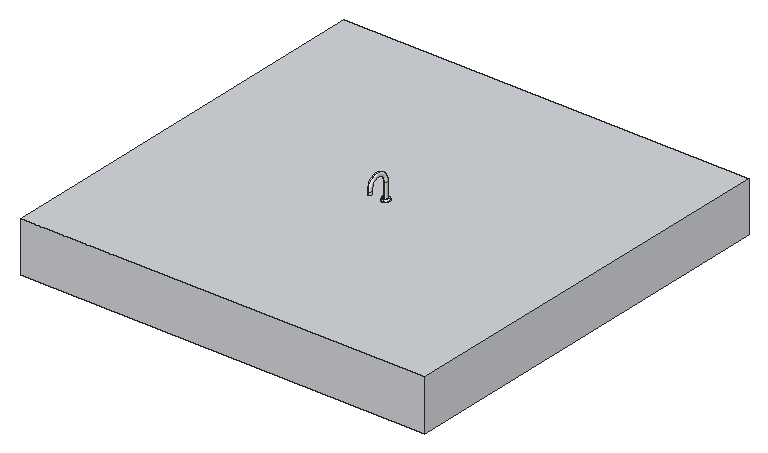
Revit family "Outlet-Basin-Caroma G Series 120_Temp_e0b8fd4c-6893-4576-8747-f6f4e1e27036", category Plumbing Fixtures, host Face, Revit 2015
Parameters (values of type "Chrome")
  Waste Connection = no
  Vent Connection = no
  URL = "http://specify.caroma.com.au/"
  Type Comments = "Caroma G Series Plus Basin Outlet 120mm"  # constant formula
  ModifiedIssue_ANZRS = 20170419.54  # constant formula
  Model = "G0200C5A"  # constant formula
  Material_ANZRS = Metal-Chrome-Caroma
  Manufacturer = "GWA Bathrooms&Kitchens"  # constant formula
  Keynote = ""
  HWFU = 0
  HW Connection = no
  Description = "WELS 5 star rated, 6L/min"  # constant formula
  Default Elevation = 1000 mm
  CreatedBy_ANZRS = "Design Content"  # constant formula
  CreatedByURL_ANZRS = "http://www.designcontent.com.au/"
  Cost = 0
  ConnectorDiameter = 20 mm
  CWFU = 0
  CW Connection = yes
  Assembly Code = "D2020"
Reference planes
  plane 1 "Center (Front/Back)": y = 0
  plane 2: z = 0
  plane 3 "Center (Left/Right)": x = 0
Forms (mm)
  Extrusion 1, solid
    sketch origin (-11.577, 5.133, 0) x (1, 0, 0) y (0, 1, 0)
      loop
        line (-1219.2, 1219.2) -> (-1219.2, -1219.2) -> (1219.2, -1219.2) -> (1219.2, 1219.2) -> (-1219.2, 1219.2)
    from 0 to -304.8
  Revolve 2, solid, material "Metal-Chrome-Caroma" <- "Material_ANZRS"
    sketch origin (0.007, 58.962, 1219.2) x (0, 1, 0) y (0, 0, 1)
      loop
        line (-58.962, -1219.2) -> (-58.962, -1207.2) -> (-77.143, -1207.2)
        arc (-77.143, -1207.2) -> (-77.971, -1207.43) -> (-78.54, -1208.073) r 1.512
        line (-78.54, -1208.073) -> (-83.394, -1218.483)
        arc (-83.394, -1218.483) -> (-83.406, -1218.933) -> (-83.044, -1219.2) r 0.487
        line (-83.044, -1219.2) -> (-58.962, -1219.2)
      axis (-58.962, -1219.2) -> (-58.962, -1207.2)
    angle from 0 to 360
  Sweep 3, solid, material "Metal-Chrome-Caroma" <- "Material_ANZRS"
    path origin (0.187, 58.962, 1218.896) x (0, 1, 0) y (0, 0, 1)
      loop
        line (-178.729, -1136.596) -> (-178.729, -1115.896)
        arc (-178.729, -1115.896) -> (-118.729, -1055.896) -> (-58.729, -1115.896) r 60
        line (-58.729, -1115.896) -> (-58.729, -1206.896)
    profile origin (0.187, 0.233, 57.5) x (1, 0, 0) y (0, 1, 0)
      loop
        circle (0, 0) r 9.5
Lines and regions (mm)
  Masking region 1
    outline origin (0, 0, 0) x (0, 1, 0) y (0, 0, 1)
      loop
        line (24.901, 0.717) -> (19.988, 11.252)
        arc (19.988, 11.252) -> (19.439, 11.842) -> (18.649, 12) r 1.31
        line (18.649, 12) -> (9.733, 12) -> (9.733, 104.046)
        arc (9.733, 104.046) -> (2.947, 133.44) -> (-16.038, 156.885) r 67.054
        arc (-16.038, 156.885) -> (-59.839, 172.526) -> (-103.641, 156.885) r 69.15
        arc (-103.641, 156.885) -> (-119.925, 137.716) -> (-128.384, 114.029) r 70.011
        arc (-128.384, 114.029) -> (-129.046, 108.722) -> (-129.301, 103.379) r 70.011
        line (-129.301, 103.379) -> (-129.301, 82.295) -> (-110.183, 82.295) -> (-110.183, 103.678)
        arc (-110.183, 103.678) -> (-105.463, 124.471) -> (-92.229, 141.187) r 48.159
        arc (-92.229, 141.187) -> (-60.643, 153.45) -> (-28.53, 142.64) r 49.748
        arc (-28.53, 142.64) -> (-15.816, 127.717) -> (-9.653, 109.107) r 51.124
        line (-9.653, 109.107) -> (-9.267, 12) -> (-18.259, 12)
        arc (-18.259, 12) -> (-18.998, 11.795) -> (-19.525, 11.24) r 1.433
        line (-19.525, 11.24) -> (-24.432, 0.717)
        arc (-24.432, 0.717) -> (-24.428, 0.275) -> (-24.082, 0) r 0.513
        line (-24.082, 0) -> (24.551, 0)
        arc (24.551, 0) -> (24.925, 0.262) -> (24.901, 0.717) r 0.47
  Masking region 2
    outline origin (0, 0, 0) x (1, 0, 0) y (0, 0, 1)
      loop
        line (-24.075, 0) -> (24.089, 0)
        arc (24.089, 0) -> (24.443, 0.272) -> (24.439, 0.717) r 0.5
        line (24.439, 0.717) -> (19.519, 11.268)
        arc (19.519, 11.268) -> (18.973, 11.851) -> (18.188, 12) r 1.287
        line (18.188, 12) -> (9.662, 12) -> (9.662, 163.082)
        arc (9.662, 163.082) -> (0.213, 172.53) -> (-9.235, 163.082) r 9.448
        line (-9.235, 163.082) -> (-9.235, 12) -> (-18.173, 12)
        arc (-18.173, 12) -> (-18.959, 11.851) -> (-19.505, 11.268) r 1.287
        line (-19.505, 11.268) -> (-24.424, 0.717)
        arc (-24.424, 0.717) -> (-24.428, 0.272) -> (-24.075, 0) r 0.5
  Masking region 3
    outline origin (0, 0, 0) x (1, 0, 0) y (0, 1, 0)
      loop
        arc (9.704, -22.636) -> (-0.172, 25.194) -> (-9.392, -22.767) r 24.9
        line (-9.392, -22.767) -> (-9.392, -119.828)
        arc (-9.392, -119.828) -> (0.156, -129.376) -> (9.704, -119.828) r 9.548
        line (9.704, -119.828) -> (9.704, -22.636)
  symbolic lines, style "PlumbingFixtures"
    curve 1: line (9.687, 0, 12) -> (-9.235, 0, 12)
    curve 2: line (0, 9.733, 12) -> (0, -9.267, 12)
    curve 3: line (-9.392, -22.767, 0) -> (-9.392, 0.2, 0)
    curve 4: line (9.704, -22.636, 0) -> (9.704, 0.2, 0)
    curve 5: arc (-9.392, 0.2, 0) -> (0.156, 9.748, 0) -> (9.704, 0.2, 0) r 9.548
Dimensions and locks
  aligned and locked: plane 2 to Extrusion 1
  aligned and locked: level to Extrusion 1
Connectors
  piping at (0.007, 0, 0), diameter 20, driven by "ConnectorDiameter"
    settings: on Revolve 2, index 1, connector inside diameter 24", connector length 0 mm, flow factor 0, pipe flow 0 GPM, pressure drop 0.00 psi, fitting loss kfactor 0, connector angle 0.00°, fixture units 0, engagement length 0 mm, angle of deflection 0.00°, flow configuration 3, flow direction 1, fitting loss method 0, system type 20, joint type 0, gender type 0, connector reference index -1, connector utility 1, adjustable connector no, is connector primary yes, connector description "Connector"
